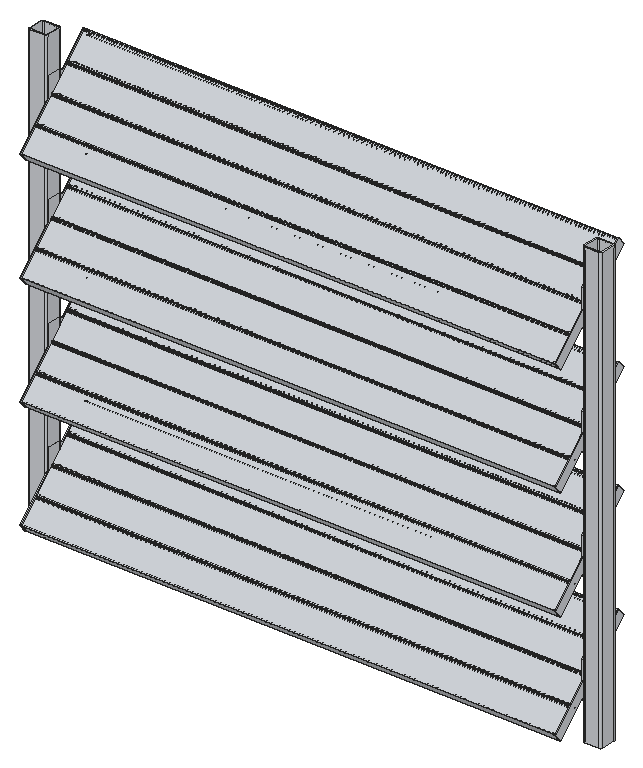
Revit family "RL 600 MITRE LOUVRE END FIXED-HORIZONTAL PANEL)PURGED", category Curtain Panels, Revit 2018
Family settings
  OmniClass Number = 23.25.20.14.11.11.17
  OmniClass Title = Infill Panels
  Always vertical = Yes
  Cut with Voids When Loaded = No
  Shared = No
Parameters
  SPACING [instance] = 600 mm  # constant formula
  RL600 MITRE BLADE [instance] = none
  END CAP [instance] = none
Reference planes
  plane 1 "Center (Front/Back)": y = 0
  plane 2: z = 0
  plane 3 "Center (Left/Right)": x = 0
  plane 4 "Left": x = -1500
  plane 5 "Right": x = 1500
  plane 6 "Top": z = 2400
Forms (mm)
  Extrusion 1, solid
    sketch origin (-50, -481.805, 0) x (1, 0, 0) y (0, 1, 0)
      loop
        arc (-1489, 531.805) -> (-1496.778, 528.584) -> (-1500, 520.805) r 11
        line (-1500, 520.805) -> (-1500, 442.805)
        arc (-1500, 442.805) -> (-1496.778, 435.027) -> (-1489, 431.805) r 11
        line (-1489, 431.805) -> (-1411, 431.805)
        arc (-1411, 431.805) -> (-1403.222, 435.027) -> (-1400, 442.805) r 11
        line (-1400, 442.805) -> (-1400, 520.805)
        arc (-1400, 520.805) -> (-1403.222, 528.584) -> (-1411, 531.805) r 11
        line (-1411, 531.805) -> (-1489, 531.805)
      loop
        arc (-1489, 525.805) -> (-1492.536, 524.341) -> (-1494, 520.805) r 5
        line (-1494, 520.805) -> (-1494, 442.805)
        arc (-1494, 442.805) -> (-1492.536, 439.27) -> (-1489, 437.805) r 5
        line (-1489, 437.805) -> (-1411, 437.805)
        arc (-1411, 437.805) -> (-1407.464, 439.27) -> (-1406, 442.805) r 5
        line (-1406, 442.805) -> (-1406, 520.805)
        arc (-1406, 520.805) -> (-1407.464, 524.341) -> (-1411, 525.805) r 5
        line (-1411, 525.805) -> (-1489, 525.805)
    from 0 to 2400
  Extrusion 2, solid
    sketch origin (50, -481.805, 0) x (-1, 0, 0) y (0, -1, 0)
      loop
        line (-1489, -531.805) -> (-1411, -531.805)
        arc (-1411, -531.805) -> (-1403.222, -528.584) -> (-1400, -520.805) r 11
        line (-1400, -520.805) -> (-1400, -442.805)
        arc (-1400, -442.805) -> (-1403.222, -435.027) -> (-1411, -431.805) r 11
        line (-1411, -431.805) -> (-1489, -431.805)
        arc (-1489, -431.805) -> (-1496.778, -435.027) -> (-1500, -442.805) r 11
        line (-1500, -442.805) -> (-1500, -520.805)
        arc (-1500, -520.805) -> (-1496.778, -528.584) -> (-1489, -531.805) r 11
      loop
        line (-1489, -525.805) -> (-1411, -525.805)
        arc (-1411, -525.805) -> (-1407.464, -524.341) -> (-1406, -520.805) r 5
        line (-1406, -520.805) -> (-1406, -442.805)
        arc (-1406, -442.805) -> (-1407.464, -439.27) -> (-1411, -437.805) r 5
        line (-1411, -437.805) -> (-1489, -437.805)
        arc (-1489, -437.805) -> (-1492.536, -439.27) -> (-1494, -442.805) r 5
        line (-1494, -442.805) -> (-1494, -520.805)
        arc (-1494, -520.805) -> (-1492.536, -524.341) -> (-1489, -525.805) r 5
    from 0 to 2400
Text (mm)
  text "Exterior" at (-2351.972, 1416.179, 0), in view "Ref. Level"
  text "Exterior" at (0, 2290.741, 4406.713), in view "Left"
  text "Exterior" at (0, 1328.187, 4120.349), in view "Right"
Dimensions and locks
  equal spacing: plane 4 "Left", plane 3 "Center (Left/Right)", plane 5 "Right"
  aligned and locked: level to plane 2
  aligned and locked: Extrusion 1 to plane 6 "Top"
  aligned and locked: Extrusion 2 to plane 6 "Top"
  aligned and locked: plane 6 "Top" to nested 1
  aligned and locked: plane 4 "Left" to nested 1
  aligned and locked: plane 5 "Right" to nested 1
Automatic sketch dimensions
  Extrusion 1 sketch curve to Extrusion 1 sketch curve = 0 mm  (x9)
  plane 4 "Left" to Extrusion 1 sketch curve = 50 mm
  Extrusion 1 sketch curve to Extrusion 1 sketch curve = 6 mm
  plane 4 "Left" to Extrusion 1 sketch curve = 39 mm
  Extrusion 1 sketch curve to Extrusion 1 sketch curve = 5 mm  (x3)
  plane 1 "Center (Front/Back)" to Extrusion 1 sketch curve = 50 mm
  Extrusion 1 sketch curve to plane 1 "Center (Front/Back)" = 39 mm
  Extrusion 2 sketch curve to Extrusion 2 sketch curve = 0 mm  (x9)
  plane 5 "Right" to Extrusion 2 sketch curve = 50 mm
  plane 5 "Right" to Extrusion 2 sketch curve = 44 mm
  plane 5 "Right" to Extrusion 2 sketch curve = 39 mm
  Extrusion 2 sketch curve to Extrusion 2 sketch curve = 5 mm  (x3)
  Extrusion 2 sketch curve to plane 1 "Center (Front/Back)" = 50 mm
  plane 1 "Center (Front/Back)" to Extrusion 2 sketch curve = 39 mm
  Extrusion 2 sketch curve to Extrusion 2 sketch curve = 78 mm
  Extrusion 1 sketch curve to Extrusion 1 sketch curve = 78 mm
Nested families
  nested 1: "RL600 ARRAY" at (0, 0, 0), type "RL600 ARRAY"
    with LENGTH 3000 mm, HEIGHT 2400 mm, ARRAY 4
Definition of nested family "RL600 ARRAY"
  Parameters (values of type "RL600 ARRAY")
    SPACING = 600 mm
    RL600 MITRE BLADE = none
    LENGTH [instance] = 1500 mm
    HEIGHT [instance] = 2400 mm
    END CAP = none
    ARRAY [instance] = if(rounddown((HEIGHT - 600 mm) / SPACING) < 2, 2, rounddown((HEIGHT - 600 mm) / SPACING)) + 1  # 4
  Reference planes
    plane 1 "Center (Front/Back)": y = 0
    plane 2: z = 0
    plane 3 "Center (Left/Right)": x = 0
    plane 4: x = -750
    plane 5: x = 750
    plane 6: z = 300
    plane 7: z = 900
    plane 8: z = 2400
    plane 9: z = 1500
    plane 10: z = 2100
  Dimensions and locks
    "LENGTH": plane 4 to plane 5
    equal spacing: plane 4, plane 3 "Center (Left/Right)", plane 5
    equal spacing: group 1, group 2, group 3, group 4  (x3)
    "SPACING": plane 7 to plane 6
    "HEIGHT": plane 8 to plane 2
    aligned and locked: level to plane 2
  Nested families
    nested 1: "BLADE 1" at (0, 0, 300), type "BLADE 1"
    nested 2: "BLADE 1" at (0, 0, 900), type "BLADE 1"
    nested 3: "BLADE 1" at (0, 0, 1500), type "BLADE 1"
    nested 4: "BLADE 1" at (0, 0, 2100), type "BLADE 1"
  Definition of nested family "BLADE 1"
    Parameters (values of type "BLADE 1")
      RL600 MITRE BLADE = none
      LENGTH = 1500 mm
      END CAP = none
    Reference planes
      plane 1 "Center (Front/Back)": y = 0
      plane 2: z = 0
      plane 3 "Center (Left/Right)": x = 0
      plane 4: x = 694
      plane 5: x = -694
      plane 6: x = -700
      plane 7: x = 700
      plane 8: x = -750
      plane 9: x = 750
    Forms (mm)
      Extrusion 1, solid, material <- "RL600 MITRE BLADE"
        sketch origin (0, 52.874, -41.891) x (0, 0.707107, 0.707107) y (0, -0.707107, 0.707107)
          loop
            line (295.285, 92.009) -> (136.574, 92.009) -> (136.574, 84.489) -> (133.054, 84.489) -> (133.054, 87.549)
            arc (133.054, 87.549) -> (131.954, 88.649) -> (130.854, 87.549) r 1.1
            line (130.854, 87.549) -> (130.854, 82.989)
            arc (130.854, 82.989) -> (131.147, 82.282) -> (131.854, 81.989) r 1
            line (131.854, 81.989) -> (140.205, 81.989)
            arc (140.205, 81.989) -> (141.119, 81.697) -> (142.074, 81.61) r 4.4
            line (142.074, 81.61) -> (142.074, 67.409) -> (142.874, 67.009) -> (142.074, 66.609) -> (142.074, 53.569)
            arc (142.074, 53.569) -> (143.061, 53.466) -> (144.014, 53.189) r 5.56
            line (144.014, 53.189) -> (154.305, 53.189)
            arc (154.305, 53.189) -> (155.294, 48.698) -> (154.292, 44.209) r 10.625
            line (154.292, 44.209) -> (149.774, 44.209) -> (149.774, 47.269)
            arc (149.774, 47.269) -> (148.674, 48.369) -> (147.574, 47.269) r 1.1
            line (147.574, 47.269) -> (147.574, 42.009) -> (288.703, 42.009) -> (295.285, 92.009)
          loop
            line (287.627, 50.693) -> (291.811, 82.477)
            arc (291.811, 82.477) -> (291.649, 82.817) -> (291.272, 82.806) r 0.346
            arc (291.272, 82.806) -> (290.024, 82.234) -> (288.656, 82.13) r 3.9
            arc (288.656, 82.13) -> (287.851, 83.116) -> (288.837, 83.921) r 0.9
            arc (288.837, 83.921) -> (290.77, 87.214) -> (287.014, 86.528) r 2.1
            arc (287.014, 86.528) -> (285.919, 85.877) -> (285.269, 86.971) r 0.9
            arc (285.269, 86.971) -> (285.859, 88.254) -> (286.867, 89.243) r 3.9
            arc (286.867, 89.243) -> (286.99, 89.59) -> (286.693, 89.809) r 0.31
            line (286.693, 89.809) -> (145.131, 89.809)
            spline (145.131, 89.809) -> (144.976, 89.729) -> (144.881, 89.646) -> (144.837, 89.56) -> (144.838, 89.473) -> (144.872, 89.384) -> (144.934, 89.296) -> (145.013, 89.208) -> (145.102, 89.122) -> (145.192, 89.039) -> (145.274, 88.959) -> (145.341, 88.884) -> (145.384, 88.814)
            arc (145.384, 88.814) -> (145.584, 87.936) -> (144.996, 87.253) r 1
            line (144.996, 87.253) -> (143.934, 86.813)
            arc (143.934, 86.813) -> (139.894, 86.009) -> (143.934, 85.206) r 2.1
            line (143.934, 85.206) -> (144.996, 84.766)
            arc (144.996, 84.766) -> (145.584, 84.083) -> (145.384, 83.204) r 1
            arc (145.384, 83.204) -> (144.869, 82.679) -> (144.274, 82.246) r 4.4
            line (144.274, 82.246) -> (144.274, 55.389) -> (155.619, 55.389)
            arc (155.619, 55.389) -> (157.437, 49.921) -> (156.677, 44.209) r 12.825
            line (156.677, 44.209) -> (281.671, 44.209)
            arc (281.671, 44.209) -> (281.973, 44.432) -> (281.849, 44.787) r 0.316
            arc (281.849, 44.787) -> (280.851, 45.773) -> (280.266, 47.048) r 3.9
            arc (280.266, 47.048) -> (280.917, 48.142) -> (282.011, 47.492) r 0.9
            arc (282.011, 47.492) -> (285.767, 46.806) -> (283.834, 50.099) r 2.1
            arc (283.834, 50.099) -> (282.848, 50.903) -> (283.653, 51.889) r 0.9
            arc (283.653, 51.889) -> (285.512, 51.623) -> (287.031, 50.519) r 3.9
            arc (287.031, 50.519) -> (287.386, 50.412) -> (287.627, 50.693) r 0.339
        from -694 to 694
      Extrusion 2, solid, material <- "RL600 MITRE BLADE"
        sketch origin (0, 52.874, -41.891) x (0, 0.707107, 0.707107) y (0, -0.707107, 0.707107)
          loop
            line (139.874, 78.629) -> (128.529, 78.629)
            arc (128.529, 78.629) -> (126.711, 84.097) -> (127.47, 89.809) r 12.825
            line (127.47, 89.809) -> (111.483, 89.809) -> (28.207, 89.809) -> (-4.709, 89.809)
            spline (-4.709, 89.809) -> (-4.871, 89.727) -> (-4.972, 89.644) -> (-5.018, 89.56) -> (-5.021, 89.476) -> (-4.986, 89.391) -> (-4.925, 89.306) -> (-4.844, 89.222) -> (-4.753, 89.138) -> (-4.66, 89.055) -> (-4.574, 88.973) -> (-4.503, 88.893) -> (-4.456, 88.814)
            arc (-4.456, 88.814) -> (-4.256, 87.936) -> (-4.844, 87.253) r 1
            line (-4.844, 87.253) -> (-5.906, 86.813)
            arc (-5.906, 86.813) -> (-9.946, 86.009) -> (-5.906, 85.206) r 2.1
            line (-5.906, 85.206) -> (-4.844, 84.766)
            arc (-4.844, 84.766) -> (-4.256, 84.083) -> (-4.456, 83.204) r 1
            arc (-4.456, 83.204) -> (-4.971, 82.679) -> (-5.566, 82.246) r 4.4
            line (-5.566, 82.246) -> (-5.566, 55.389) -> (5.779, 55.389)
            arc (5.779, 55.389) -> (7.597, 49.921) -> (6.837, 44.209) r 12.825
            line (6.837, 44.209) -> (139.017, 44.209)
            spline (139.017, 44.209) -> (139.159, 44.287) -> (139.253, 44.362) -> (139.305, 44.436) -> (139.319, 44.511) -> (139.301, 44.585) -> (139.257, 44.662) -> (139.193, 44.741) -> (139.114, 44.823) -> (139.026, 44.91) -> (138.935, 45.002) -> (138.846, 45.1) -> (138.764, 45.204)
            arc (138.764, 45.204) -> (138.564, 46.083) -> (139.152, 46.766) r 1
            line (139.152, 46.766) -> (140.214, 47.206)
            arc (140.214, 47.206) -> (144.254, 48.009) -> (140.214, 48.813) r 2.1
            line (140.214, 48.813) -> (139.152, 49.253)
            arc (139.152, 49.253) -> (138.564, 49.936) -> (138.764, 50.814) r 1
            arc (138.764, 50.814) -> (139.279, 51.34) -> (139.874, 51.772) r 4.4
            line (139.874, 51.772) -> (139.874, 78.629)
          loop
            line (-13.266, 92.009) -> (-13.266, 84.489) -> (-16.786, 84.489) -> (-16.786, 87.549)
            arc (-16.786, 87.549) -> (-17.886, 88.649) -> (-18.986, 87.549) r 1.1
            line (-18.986, 87.549) -> (-18.986, 82.989)
            arc (-18.986, 82.989) -> (-18.693, 82.282) -> (-17.986, 81.989) r 1
            line (-17.986, 81.989) -> (-9.635, 81.989)
            arc (-9.635, 81.989) -> (-8.721, 81.697) -> (-7.766, 81.61) r 4.4
            line (-7.766, 81.61) -> (-7.766, 67.409) -> (-8.566, 67.009) -> (-7.766, 66.609) -> (-7.766, 53.569)
            arc (-7.766, 53.569) -> (-6.779, 53.466) -> (-5.826, 53.189) r 5.56
            line (-5.826, 53.189) -> (4.465, 53.189)
            arc (4.465, 53.189) -> (5.454, 48.698) -> (4.452, 44.209) r 10.625
            line (4.452, 44.209) -> (-0.066, 44.209) -> (-0.066, 47.269)
            arc (-0.066, 47.269) -> (-1.166, 48.369) -> (-2.266, 47.269) r 1.1
            line (-2.266, 47.269) -> (-2.266, 42.009) -> (147.574, 42.009) -> (147.574, 49.529) -> (151.094, 49.529) -> (151.094, 46.469)
            arc (151.094, 46.469) -> (152.194, 45.369) -> (153.294, 46.469) r 1.1
            line (153.294, 46.469) -> (153.294, 51.029)
            arc (153.294, 51.029) -> (153.001, 51.736) -> (152.294, 52.029) r 1
            line (152.294, 52.029) -> (143.943, 52.029)
            arc (143.943, 52.029) -> (143.029, 52.321) -> (142.074, 52.409) r 4.4
            line (142.074, 52.409) -> (142.074, 66.609) -> (141.274, 67.009) -> (142.074, 67.409) -> (142.074, 80.45)
            arc (142.074, 80.45) -> (141.087, 80.553) -> (140.133, 80.829) r 5.56
            line (140.133, 80.829) -> (129.843, 80.829)
            arc (129.843, 80.829) -> (128.854, 85.321) -> (129.855, 89.809) r 10.625
            line (129.855, 89.809) -> (134.374, 89.809) -> (134.374, 86.749)
            arc (134.374, 86.749) -> (135.474, 85.649) -> (136.574, 86.749) r 1.1
            line (136.574, 86.749) -> (136.574, 92.009) -> (-13.266, 92.009)
        from -694 to 694
      Extrusion 3, solid, material <- "RL600 MITRE BLADE"
        sketch origin (0, -52.874, 41.891) x (0, -0.707107, -0.707107) y (0, 0.707107, -0.707107)
          loop
            line (295.285, 92.009) -> (136.574, 92.009) -> (136.574, 84.489) -> (133.054, 84.489) -> (133.054, 87.549)
            arc (133.054, 87.549) -> (131.954, 88.649) -> (130.854, 87.549) r 1.1
            line (130.854, 87.549) -> (130.854, 82.989)
            arc (130.854, 82.989) -> (131.147, 82.282) -> (131.854, 81.989) r 1
            line (131.854, 81.989) -> (140.205, 81.989)
            arc (140.205, 81.989) -> (141.119, 81.697) -> (142.074, 81.61) r 4.4
            line (142.074, 81.61) -> (142.074, 67.409) -> (142.874, 67.009) -> (142.074, 66.609) -> (142.074, 53.569)
            arc (142.074, 53.569) -> (143.061, 53.466) -> (144.014, 53.189) r 5.56
            line (144.014, 53.189) -> (154.305, 53.189)
            arc (154.305, 53.189) -> (155.294, 48.698) -> (154.292, 44.209) r 10.625
            line (154.292, 44.209) -> (149.774, 44.209) -> (149.774, 47.269)
            arc (149.774, 47.269) -> (148.674, 48.369) -> (147.574, 47.269) r 1.1
            line (147.574, 47.269) -> (147.574, 42.009) -> (288.703, 42.009) -> (295.285, 92.009)
          loop
            line (287.627, 50.693) -> (291.811, 82.477)
            arc (291.811, 82.477) -> (291.649, 82.817) -> (291.272, 82.806) r 0.346
            arc (291.272, 82.806) -> (290.024, 82.234) -> (288.656, 82.13) r 3.9
            arc (288.656, 82.13) -> (287.851, 83.116) -> (288.837, 83.921) r 0.9
            arc (288.837, 83.921) -> (290.77, 87.214) -> (287.014, 86.528) r 2.1
            arc (287.014, 86.528) -> (285.919, 85.877) -> (285.269, 86.971) r 0.9
            arc (285.269, 86.971) -> (285.859, 88.254) -> (286.867, 89.243) r 3.9
            arc (286.867, 89.243) -> (286.99, 89.59) -> (286.693, 89.809) r 0.31
            line (286.693, 89.809) -> (145.131, 89.809)
            spline (145.131, 89.809) -> (144.976, 89.729) -> (144.881, 89.646) -> (144.837, 89.56) -> (144.838, 89.473) -> (144.872, 89.384) -> (144.934, 89.296) -> (145.013, 89.208) -> (145.102, 89.122) -> (145.192, 89.039) -> (145.274, 88.959) -> (145.341, 88.884) -> (145.384, 88.814)
            arc (145.384, 88.814) -> (145.584, 87.936) -> (144.996, 87.253) r 1
            line (144.996, 87.253) -> (143.934, 86.813)
            arc (143.934, 86.813) -> (139.894, 86.009) -> (143.934, 85.206) r 2.1
            line (143.934, 85.206) -> (144.996, 84.766)
            arc (144.996, 84.766) -> (145.584, 84.083) -> (145.384, 83.204) r 1
            arc (145.384, 83.204) -> (144.869, 82.679) -> (144.274, 82.246) r 4.4
            line (144.274, 82.246) -> (144.274, 55.389) -> (155.619, 55.389)
            arc (155.619, 55.389) -> (157.437, 49.921) -> (156.677, 44.209) r 12.825
            line (156.677, 44.209) -> (281.671, 44.209)
            arc (281.671, 44.209) -> (281.973, 44.432) -> (281.849, 44.787) r 0.316
            arc (281.849, 44.787) -> (280.851, 45.773) -> (280.266, 47.048) r 3.9
            arc (280.266, 47.048) -> (280.917, 48.142) -> (282.011, 47.492) r 0.9
            arc (282.011, 47.492) -> (285.767, 46.806) -> (283.834, 50.099) r 2.1
            arc (283.834, 50.099) -> (282.848, 50.903) -> (283.653, 51.889) r 0.9
            arc (283.653, 51.889) -> (285.512, 51.623) -> (287.031, 50.519) r 3.9
            arc (287.031, 50.519) -> (287.386, 50.412) -> (287.627, 50.693) r 0.339
        from -694 to 694
      Extrusion 4, solid, material <- "RL600 MITRE BLADE"
        sketch origin (0, -52.874, 41.891) x (0, -0.707107, -0.707107) y (0, 0.707107, -0.707107)
          loop
            line (139.874, 78.629) -> (128.529, 78.629)
            arc (128.529, 78.629) -> (126.711, 84.097) -> (127.47, 89.809) r 12.825
            line (127.47, 89.809) -> (111.483, 89.809) -> (28.207, 89.809) -> (-4.709, 89.809)
            spline (-4.709, 89.809) -> (-4.871, 89.727) -> (-4.972, 89.644) -> (-5.018, 89.56) -> (-5.021, 89.476) -> (-4.986, 89.391) -> (-4.925, 89.306) -> (-4.844, 89.222) -> (-4.753, 89.138) -> (-4.66, 89.055) -> (-4.574, 88.973) -> (-4.503, 88.893) -> (-4.456, 88.814)
            arc (-4.456, 88.814) -> (-4.256, 87.936) -> (-4.844, 87.253) r 1
            line (-4.844, 87.253) -> (-5.906, 86.813)
            arc (-5.906, 86.813) -> (-9.946, 86.009) -> (-5.906, 85.206) r 2.1
            line (-5.906, 85.206) -> (-4.844, 84.766)
            arc (-4.844, 84.766) -> (-4.256, 84.083) -> (-4.456, 83.204) r 1
            arc (-4.456, 83.204) -> (-4.971, 82.679) -> (-5.566, 82.246) r 4.4
            line (-5.566, 82.246) -> (-5.566, 55.389) -> (5.779, 55.389)
            arc (5.779, 55.389) -> (7.597, 49.921) -> (6.837, 44.209) r 12.825
            line (6.837, 44.209) -> (139.017, 44.209)
            spline (139.017, 44.209) -> (139.159, 44.287) -> (139.253, 44.362) -> (139.305, 44.436) -> (139.319, 44.511) -> (139.301, 44.585) -> (139.257, 44.662) -> (139.193, 44.741) -> (139.114, 44.823) -> (139.026, 44.91) -> (138.935, 45.002) -> (138.846, 45.1) -> (138.764, 45.204)
            arc (138.764, 45.204) -> (138.564, 46.083) -> (139.152, 46.766) r 1
            line (139.152, 46.766) -> (140.214, 47.206)
            arc (140.214, 47.206) -> (144.254, 48.009) -> (140.214, 48.813) r 2.1
            line (140.214, 48.813) -> (139.152, 49.253)
            arc (139.152, 49.253) -> (138.564, 49.936) -> (138.764, 50.814) r 1
            arc (138.764, 50.814) -> (139.279, 51.34) -> (139.874, 51.772) r 4.4
            line (139.874, 51.772) -> (139.874, 78.629)
          loop
            line (-13.266, 92.009) -> (-13.266, 84.489) -> (-16.786, 84.489) -> (-16.786, 87.549)
            arc (-16.786, 87.549) -> (-17.886, 88.649) -> (-18.986, 87.549) r 1.1
            line (-18.986, 87.549) -> (-18.986, 82.989)
            arc (-18.986, 82.989) -> (-18.693, 82.282) -> (-17.986, 81.989) r 1
            line (-17.986, 81.989) -> (-9.635, 81.989)
            arc (-9.635, 81.989) -> (-8.721, 81.697) -> (-7.766, 81.61) r 4.4
            line (-7.766, 81.61) -> (-7.766, 67.409) -> (-8.566, 67.009) -> (-7.766, 66.609) -> (-7.766, 53.569)
            arc (-7.766, 53.569) -> (-6.779, 53.466) -> (-5.826, 53.189) r 5.56
            line (-5.826, 53.189) -> (4.465, 53.189)
            arc (4.465, 53.189) -> (5.454, 48.698) -> (4.452, 44.209) r 10.625
            line (4.452, 44.209) -> (-0.066, 44.209) -> (-0.066, 47.269)
            arc (-0.066, 47.269) -> (-1.166, 48.369) -> (-2.266, 47.269) r 1.1
            line (-2.266, 47.269) -> (-2.266, 42.009) -> (147.574, 42.009) -> (147.574, 49.529) -> (151.094, 49.529) -> (151.094, 46.469)
            arc (151.094, 46.469) -> (152.194, 45.369) -> (153.294, 46.469) r 1.1
            line (153.294, 46.469) -> (153.294, 51.029)
            arc (153.294, 51.029) -> (153.001, 51.736) -> (152.294, 52.029) r 1
            line (152.294, 52.029) -> (143.943, 52.029)
            arc (143.943, 52.029) -> (143.029, 52.321) -> (142.074, 52.409) r 4.4
            line (142.074, 52.409) -> (142.074, 66.609) -> (141.274, 67.009) -> (142.074, 67.409) -> (142.074, 80.45)
            arc (142.074, 80.45) -> (141.087, 80.553) -> (140.133, 80.829) r 5.56
            line (140.133, 80.829) -> (129.843, 80.829)
            arc (129.843, 80.829) -> (128.854, 85.321) -> (129.855, 89.809) r 10.625
            line (129.855, 89.809) -> (134.374, 89.809) -> (134.374, 86.749)
            arc (134.374, 86.749) -> (135.474, 85.649) -> (136.574, 86.749) r 1.1
            line (136.574, 86.749) -> (136.574, 92.009) -> (-13.266, 92.009)
        from -694 to 694
      Extrusion 5, solid, material <- "END CAP"
        sketch origin (0, 0, 0) x (0, 0.707107, 0.707107) y (0, -0.707107, 0.707107)
          loop
            line (36.193, 98.539) -> (-35.124, 27.222)
            arc (-35.124, 27.222) -> (-38.925, 25.803) -> (-42.902, 25) r 25.75
            line (-42.902, 25) -> (-296.469, 25) -> (-303.051, -25) -> (-100.831, -25)
            arc (-100.831, -25) -> (-96.055, -28.403) -> (-96.589, -34.243) r 5.886
            line (-96.589, -34.243) -> (-98.66, -36.314)
            arc (-98.66, -36.314) -> (-101.589, -43.385) -> (-98.66, -50.456) r 10
            line (-98.66, -50.456) -> (-50.576, -98.539)
            arc (-50.576, -98.539) -> (-43.505, -101.468) -> (-36.434, -98.539) r 10
            line (-36.434, -98.539) -> (34.883, -27.222)
            arc (34.883, -27.222) -> (38.684, -25.804) -> (42.661, -25) r 25.75
            line (42.661, -25) -> (296.469, -25) -> (303.051, 25) -> (100.59, 25)
            arc (100.59, 25) -> (95.814, 28.403) -> (96.348, 34.243) r 5.886
            line (96.348, 34.243) -> (98.419, 36.314)
            arc (98.419, 36.314) -> (101.348, 43.385) -> (98.419, 50.456) r 10
            line (98.419, 50.456) -> (50.335, 98.539)
            arc (50.335, 98.539) -> (43.264, 101.468) -> (36.193, 98.539) r 10
        from -700 to -694
      Extrusion 6, solid, material <- "END CAP"
        sketch origin (0, 0, 0) x (0, 0.707107, 0.707107) y (0, 0.707107, -0.707107)
          loop
            arc (36.193, -98.539) -> (43.264, -101.468) -> (50.335, -98.539) r 10
            line (50.335, -98.539) -> (98.419, -50.456)
            arc (98.419, -50.456) -> (101.348, -43.385) -> (98.419, -36.314) r 10
            line (98.419, -36.314) -> (96.348, -34.243)
            arc (96.348, -34.243) -> (95.814, -28.403) -> (100.59, -25) r 5.886
            line (100.59, -25) -> (303.051, -25) -> (296.469, 25) -> (42.661, 25)
            arc (42.661, 25) -> (38.684, 25.804) -> (34.883, 27.222) r 25.75
            line (34.883, 27.222) -> (-36.434, 98.539)
            arc (-36.434, 98.539) -> (-43.505, 101.468) -> (-50.576, 98.539) r 10
            line (-50.576, 98.539) -> (-98.66, 50.456)
            arc (-98.66, 50.456) -> (-101.589, 43.385) -> (-98.66, 36.314) r 10
            line (-98.66, 36.314) -> (-96.589, 34.243)
            arc (-96.589, 34.243) -> (-96.055, 28.403) -> (-100.831, 25) r 5.886
            line (-100.831, 25) -> (-303.051, 25) -> (-296.469, -25) -> (-42.902, -25)
            arc (-42.902, -25) -> (-38.925, -25.803) -> (-35.124, -27.222) r 25.75
            line (-35.124, -27.222) -> (36.193, -98.539)
        from -700 to -694
    Dimensions and locks
      locked: plane 6 to plane 5 at 6
      locked: plane 4 to plane 7 at 6
      equal spacing: plane 5, plane 3 "Center (Left/Right)", plane 4
      locked: plane 8 to plane 6 at 50
      locked: plane 7 to plane 9 at 50
      "LENGTH": plane 8 to plane 9
      aligned and locked: level to plane 2
      aligned and locked: plane 4 to Extrusion 1
      aligned and locked: plane 4 to Extrusion 2
      aligned and locked: plane 4 to Extrusion 4
      aligned and locked: plane 4 to Extrusion 3
      aligned and locked: plane 5 to Extrusion 1
      aligned and locked: Extrusion 1 to Extrusion 4
      aligned and locked: Extrusion 1 to Extrusion 2
      aligned and locked: Extrusion 1 to Extrusion 3
      aligned and locked: Extrusion 5 to plane 6
      aligned and locked: Extrusion 5 to Extrusion 1
      aligned and locked: Extrusion 6 to plane 4
      aligned and locked: plane 7 to Extrusion 6
    Automatic sketch dimensions
      Extrusion 1 sketch curve to Extrusion 1 sketch curve = 0 mm  (x38)
      Extrusion 1 sketch curve to Extrusion 1 sketch curve = 1 mm
      Extrusion 1 sketch curve to Extrusion 1 sketch curve = 1.1 mm  (x2)
      Extrusion 1 sketch curve to Extrusion 1 sketch curve = 3.52 mm
      Extrusion 1 sketch curve to Extrusion 1 sketch curve = 3.631 mm
      Extrusion 1 sketch curve to Extrusion 1 sketch curve = 1.789 mm  (x2)
      Extrusion 1 sketch curve to Extrusion 1 sketch curve = 1.869 mm  (x2)
      Extrusion 1 sketch curve to Extrusion 1 sketch curve = 0.8 mm  (x2)
      Extrusion 1 sketch curve to Extrusion 1 sketch curve = 1.94 mm  (x2)
      Extrusion 1 sketch curve to Extrusion 1 sketch curve = 0.26 mm
      Extrusion 1 sketch curve to Extrusion 1 sketch curve = 0.679 mm  (x2)
      Extrusion 1 sketch curve to Extrusion 1 sketch curve = 2.675 mm
      Extrusion 1 sketch curve to Extrusion 1 sketch curve = 0.383 mm  (x2)
      Extrusion 1 sketch curve to Extrusion 1 sketch curve = 0.517 mm
      Extrusion 1 sketch curve to Extrusion 1 sketch curve = 0.77 mm
      Extrusion 1 sketch curve to Extrusion 1 sketch curve = 2.905 mm  (x2)
      Extrusion 1 sketch curve to Extrusion 1 sketch curve = 4.519 mm
      Extrusion 1 sketch curve to Extrusion 1 sketch curve = 4.531 mm
      Extrusion 1 sketch curve to Extrusion 1 sketch curve = 1.314 mm
      Extrusion 1 sketch curve to Extrusion 1 sketch curve = 2.385 mm
      Extrusion 1 sketch curve to Extrusion 1 sketch curve = 124.461 mm
      Extrusion 1 sketch curve to Extrusion 1 sketch curve = 0.533 mm
      Extrusion 1 sketch curve to Extrusion 1 sketch curve = 2.605 mm  (x2)
      Extrusion 1 sketch curve to Extrusion 1 sketch curve = 0.302 mm
      Extrusion 1 sketch curve to Extrusion 1 sketch curve = 2.398 mm
      Extrusion 1 sketch curve to Extrusion 1 sketch curve = 0.552 mm
      Extrusion 1 sketch curve to Extrusion 1 sketch curve = 3.547 mm
      Extrusion 1 sketch curve to Extrusion 1 sketch curve = 0.336 mm
      Extrusion 1 sketch curve to Extrusion 1 sketch curve = 7.031 mm
      Extrusion 1 sketch curve to Extrusion 1 sketch curve = 2.907 mm
      Extrusion 1 sketch curve to Extrusion 1 sketch curve = 2.722 mm
      Extrusion 1 sketch curve to Extrusion 1 sketch curve = 0.343 mm
      Extrusion 1 sketch curve to Extrusion 1 sketch curve = 6.236 mm
      Extrusion 1 sketch curve to Extrusion 1 sketch curve = 0.296 mm
      Extrusion 1 sketch curve to Extrusion 1 sketch curve = 0.44 mm  (x2)
      Extrusion 1 sketch curve to Extrusion 1 sketch curve = 0.503 mm
      Extrusion 1 sketch curve to Extrusion 1 sketch curve = 0.739 mm  (x2)
      Extrusion 1 sketch curve to Extrusion 1 sketch curve = 0.804 mm
      Extrusion 1 sketch curve to Extrusion 1 sketch curve = 3.06 mm
      Extrusion 1 sketch curve to Extrusion 1 sketch curve = 0.924 mm  (x2)
      Extrusion 1 sketch curve to Extrusion 1 sketch curve = 2.985 mm  (x2)
      Extrusion 1 sketch curve to Extrusion 1 sketch curve = 1.5 mm
      Extrusion 1 sketch curve to Extrusion 1 sketch curve = 0.504 mm
      Extrusion 1 sketch curve to Extrusion 1 sketch curve = 0.045 mm
      Extrusion 1 sketch curve to Extrusion 1 sketch curve = 0.958 mm
      Extrusion 1 sketch curve to Extrusion 1 sketch curve = 14.201 mm
      Extrusion 1 sketch curve to Extrusion 1 sketch curve = 0.4 mm
      Extrusion 1 sketch curve to Extrusion 1 sketch curve = 11.22 mm
      Extrusion 1 sketch curve to Extrusion 1 sketch curve = 1.821 mm
      Extrusion 1 sketch curve to Extrusion 1 sketch curve = 0.379 mm
      Extrusion 1 sketch curve to Extrusion 1 sketch curve = 32.032 mm
      Extrusion 1 sketch curve to Extrusion 1 sketch curve = 0.257 mm
      Extrusion 1 sketch curve to Extrusion 1 sketch curve = 0.044 mm
      Extrusion 1 sketch curve to Extrusion 1 sketch curve = 0.703 mm
      Extrusion 1 sketch curve to Extrusion 1 sketch curve = 1.443 mm
      Extrusion 1 sketch curve to Extrusion 1 sketch curve = 0.316 mm
      Extrusion 1 sketch curve to Extrusion 1 sketch curve = 2.2 mm  (x2)
      Extrusion 1 sketch curve to Extrusion 1 sketch curve = 2.75 mm
      Extrusion 1 sketch curve to Extrusion 1 sketch curve = 0.995 mm
      Extrusion 1 sketch curve to Extrusion 1 sketch curve = 5.999 mm
      Extrusion 1 sketch curve to Extrusion 1 sketch curve = 0.872 mm  (x2)
      Extrusion 1 sketch curve to Extrusion 1 sketch curve = 0.091 mm  (x2)
      Extrusion 2 sketch curve to Extrusion 2 sketch curve = 0 mm  (x27)
      Extrusion 2 sketch curve to Extrusion 2 sketch curve = 1 mm  (x2)
      Extrusion 2 sketch curve to Extrusion 2 sketch curve = 1.1 mm  (x4)
      Extrusion 2 sketch curve to Extrusion 2 sketch curve = 3.52 mm  (x2)
      Extrusion 2 sketch curve to Extrusion 2 sketch curve = 3.631 mm
      Extrusion 2 sketch curve to Extrusion 2 sketch curve = 1.069 mm
      Extrusion 2 sketch curve to Extrusion 2 sketch curve = 1.789 mm
      Extrusion 2 sketch curve to Extrusion 2 sketch curve = 0.72 mm
      Extrusion 2 sketch curve to Extrusion 2 sketch curve = 0.8 mm  (x4)
      Extrusion 2 sketch curve to Extrusion 2 sketch curve = 1.94 mm  (x3)
      Extrusion 2 sketch curve to Extrusion 2 sketch curve = 0.26 mm  (x2)
      Extrusion 2 sketch curve to Extrusion 2 sketch curve = 0.679 mm  (x2)
      Extrusion 2 sketch curve to Extrusion 2 sketch curve = 2.675 mm  (x2)
      Extrusion 2 sketch curve to Extrusion 2 sketch curve = 0.383 mm  (x3)
      Extrusion 2 sketch curve to Extrusion 2 sketch curve = 0.517 mm
      Extrusion 2 sketch curve to Extrusion 2 sketch curve = 0.77 mm  (x2)
      Extrusion 2 sketch curve to Extrusion 2 sketch curve = 2.905 mm  (x2)
      Extrusion 2 sketch curve to Extrusion 2 sketch curve = 4.519 mm  (x2)
      Extrusion 2 sketch curve to Extrusion 2 sketch curve = 4.531 mm
      Extrusion 2 sketch curve to Extrusion 2 sketch curve = 1.314 mm  (x2)
      Extrusion 2 sketch curve to Extrusion 2 sketch curve = 2.385 mm  (x2)
      Extrusion 2 sketch curve to Extrusion 2 sketch curve = 32.663 mm
      Extrusion 2 sketch curve to Extrusion 2 sketch curve = 83.276 mm
      Extrusion 2 sketch curve to Extrusion 2 sketch curve = 15.987 mm
      Extrusion 2 sketch curve to Extrusion 2 sketch curve = 1.059 mm
      Extrusion 2 sketch curve to Extrusion 2 sketch curve = 2.2 mm  (x3)
      Extrusion 2 sketch curve to Extrusion 2 sketch curve = 10.235 mm
      Extrusion 2 sketch curve to Extrusion 2 sketch curve = 0.253 mm
      Extrusion 2 sketch curve to Extrusion 2 sketch curve = 0.388 mm  (x2)
      Extrusion 2 sketch curve to Extrusion 2 sketch curve = 0.34 mm
      Extrusion 2 sketch curve to Extrusion 2 sketch curve = 1.062 mm  (x2)
      Extrusion 2 sketch curve to Extrusion 2 sketch curve = 1.4 mm
      Extrusion 2 sketch curve to Extrusion 2 sketch curve = 1.869 mm
      Extrusion 2 sketch curve to Extrusion 2 sketch curve = 5.42 mm
      Extrusion 2 sketch curve to Extrusion 2 sketch curve = 0.379 mm  (x4)
      Extrusion 2 sketch curve to Extrusion 2 sketch curve = 0.781 mm
      Extrusion 2 sketch curve to Extrusion 2 sketch curve = 14.201 mm  (x2)
      Extrusion 2 sketch curve to Extrusion 2 sketch curve = 11.22 mm  (x2)
      Extrusion 2 sketch curve to Extrusion 2 sketch curve = 0.4 mm  (x2)
      Extrusion 2 sketch curve to Extrusion 2 sketch curve = 1.821 mm
      Extrusion 2 sketch curve to Extrusion 2 sketch curve = 0.636 mm  (x2)
      Extrusion 2 sketch curve to Extrusion 2 sketch curve = 1.596 mm  (x2)
      Extrusion 2 sketch curve to Extrusion 2 sketch curve = 2.5 mm  (x2)
      Extrusion 2 sketch curve to Extrusion 2 sketch curve = 0.924 mm  (x4)
      Extrusion 2 sketch curve to Extrusion 2 sketch curve = 0.44 mm  (x4)
      Extrusion 2 sketch curve to Extrusion 2 sketch curve = 0.703 mm  (x2)
      Extrusion 2 sketch curve to Extrusion 2 sketch curve = 1.443 mm
      Extrusion 2 sketch curve to Extrusion 2 sketch curve = 3.06 mm  (x3)
      Extrusion 2 sketch curve to Extrusion 2 sketch curve = 4.46 mm  (x2)
      Extrusion 3 sketch curve to Extrusion 3 sketch curve = 0 mm  (x38)
      Extrusion 3 sketch curve to Extrusion 3 sketch curve = 1 mm
      Extrusion 3 sketch curve to Extrusion 3 sketch curve = 1.1 mm  (x2)
      Extrusion 3 sketch curve to Extrusion 3 sketch curve = 3.52 mm
      Extrusion 3 sketch curve to Extrusion 3 sketch curve = 3.631 mm
      Extrusion 3 sketch curve to Extrusion 3 sketch curve = 1.789 mm  (x2)
      Extrusion 3 sketch curve to Extrusion 3 sketch curve = 1.869 mm  (x2)
      Extrusion 3 sketch curve to Extrusion 3 sketch curve = 0.8 mm  (x2)
      Extrusion 3 sketch curve to Extrusion 3 sketch curve = 1.94 mm  (x2)
      Extrusion 3 sketch curve to Extrusion 3 sketch curve = 0.26 mm
      Extrusion 3 sketch curve to Extrusion 3 sketch curve = 0.679 mm  (x2)
      Extrusion 3 sketch curve to Extrusion 3 sketch curve = 2.675 mm
      Extrusion 3 sketch curve to Extrusion 3 sketch curve = 0.383 mm  (x2)
      Extrusion 3 sketch curve to Extrusion 3 sketch curve = 0.517 mm
      Extrusion 3 sketch curve to Extrusion 3 sketch curve = 0.77 mm
      Extrusion 3 sketch curve to Extrusion 3 sketch curve = 2.905 mm  (x2)
      Extrusion 3 sketch curve to Extrusion 3 sketch curve = 4.519 mm
      Extrusion 3 sketch curve to Extrusion 3 sketch curve = 4.531 mm
      Extrusion 3 sketch curve to Extrusion 3 sketch curve = 1.314 mm
      Extrusion 3 sketch curve to Extrusion 3 sketch curve = 2.385 mm
      Extrusion 3 sketch curve to Extrusion 3 sketch curve = 124.461 mm
      Extrusion 3 sketch curve to Extrusion 3 sketch curve = 0.533 mm
      Extrusion 3 sketch curve to Extrusion 3 sketch curve = 2.605 mm  (x2)
      Extrusion 3 sketch curve to Extrusion 3 sketch curve = 0.302 mm
      Extrusion 3 sketch curve to Extrusion 3 sketch curve = 2.398 mm
      Extrusion 3 sketch curve to Extrusion 3 sketch curve = 0.552 mm
      Extrusion 3 sketch curve to Extrusion 3 sketch curve = 3.547 mm
      Extrusion 3 sketch curve to Extrusion 3 sketch curve = 0.336 mm
      Extrusion 3 sketch curve to Extrusion 3 sketch curve = 7.031 mm
      Extrusion 3 sketch curve to Extrusion 3 sketch curve = 2.907 mm
      Extrusion 3 sketch curve to Extrusion 3 sketch curve = 2.722 mm
      Extrusion 3 sketch curve to Extrusion 3 sketch curve = 0.343 mm
      Extrusion 3 sketch curve to Extrusion 3 sketch curve = 6.236 mm
      Extrusion 3 sketch curve to Extrusion 3 sketch curve = 0.296 mm
      Extrusion 3 sketch curve to Extrusion 3 sketch curve = 0.44 mm  (x2)
      Extrusion 3 sketch curve to Extrusion 3 sketch curve = 0.503 mm
      Extrusion 3 sketch curve to Extrusion 3 sketch curve = 0.739 mm  (x2)
      Extrusion 3 sketch curve to Extrusion 3 sketch curve = 0.804 mm
      Extrusion 3 sketch curve to Extrusion 3 sketch curve = 3.06 mm
      Extrusion 3 sketch curve to Extrusion 3 sketch curve = 0.924 mm  (x2)
      Extrusion 3 sketch curve to Extrusion 3 sketch curve = 2.985 mm  (x2)
      Extrusion 3 sketch curve to Extrusion 3 sketch curve = 1.5 mm
      Extrusion 3 sketch curve to Extrusion 3 sketch curve = 0.504 mm
      Extrusion 3 sketch curve to Extrusion 3 sketch curve = 0.045 mm
      Extrusion 3 sketch curve to Extrusion 3 sketch curve = 0.958 mm
      Extrusion 3 sketch curve to Extrusion 3 sketch curve = 14.201 mm
      Extrusion 3 sketch curve to Extrusion 3 sketch curve = 0.4 mm
      Extrusion 3 sketch curve to Extrusion 3 sketch curve = 11.22 mm
      Extrusion 3 sketch curve to Extrusion 3 sketch curve = 1.821 mm
      Extrusion 3 sketch curve to Extrusion 3 sketch curve = 0.379 mm
      Extrusion 3 sketch curve to Extrusion 3 sketch curve = 32.032 mm
      Extrusion 3 sketch curve to Extrusion 3 sketch curve = 0.257 mm
      Extrusion 3 sketch curve to Extrusion 3 sketch curve = 0.044 mm
      Extrusion 3 sketch curve to Extrusion 3 sketch curve = 0.703 mm
      Extrusion 3 sketch curve to Extrusion 3 sketch curve = 1.443 mm
      Extrusion 3 sketch curve to Extrusion 3 sketch curve = 0.316 mm
      Extrusion 3 sketch curve to Extrusion 3 sketch curve = 2.2 mm  (x2)
      Extrusion 3 sketch curve to Extrusion 3 sketch curve = 2.75 mm
      Extrusion 3 sketch curve to Extrusion 3 sketch curve = 0.995 mm
      Extrusion 3 sketch curve to Extrusion 3 sketch curve = 5.999 mm
      Extrusion 3 sketch curve to Extrusion 3 sketch curve = 0.872 mm  (x2)
      Extrusion 3 sketch curve to Extrusion 3 sketch curve = 0.091 mm  (x2)
      Extrusion 4 sketch curve to Extrusion 4 sketch curve = 0 mm  (x27)
      Extrusion 4 sketch curve to Extrusion 4 sketch curve = 1 mm  (x2)
      Extrusion 4 sketch curve to Extrusion 4 sketch curve = 1.1 mm  (x4)
      Extrusion 4 sketch curve to Extrusion 4 sketch curve = 3.52 mm  (x2)
      Extrusion 4 sketch curve to Extrusion 4 sketch curve = 3.631 mm
      Extrusion 4 sketch curve to Extrusion 4 sketch curve = 1.069 mm
      Extrusion 4 sketch curve to Extrusion 4 sketch curve = 1.789 mm
      Extrusion 4 sketch curve to Extrusion 4 sketch curve = 0.72 mm
      Extrusion 4 sketch curve to Extrusion 4 sketch curve = 0.8 mm  (x4)
      Extrusion 4 sketch curve to Extrusion 4 sketch curve = 1.94 mm  (x3)
      Extrusion 4 sketch curve to Extrusion 4 sketch curve = 0.26 mm  (x2)
      Extrusion 4 sketch curve to Extrusion 4 sketch curve = 0.679 mm  (x2)
      Extrusion 4 sketch curve to Extrusion 4 sketch curve = 2.675 mm  (x2)
      Extrusion 4 sketch curve to Extrusion 4 sketch curve = 0.383 mm  (x4)
      Extrusion 4 sketch curve to Extrusion 4 sketch curve = 0.517 mm
      Extrusion 4 sketch curve to Extrusion 4 sketch curve = 0.77 mm
      Extrusion 4 sketch curve to Extrusion 4 sketch curve = 2.905 mm  (x2)
      Extrusion 4 sketch curve to Extrusion 4 sketch curve = 4.519 mm  (x2)
      Extrusion 4 sketch curve to Extrusion 4 sketch curve = 4.531 mm
      Extrusion 4 sketch curve to Extrusion 4 sketch curve = 1.314 mm  (x2)
      Extrusion 4 sketch curve to Extrusion 4 sketch curve = 2.385 mm  (x2)
      Extrusion 4 sketch curve to Extrusion 4 sketch curve = 32.663 mm
      Extrusion 4 sketch curve to Extrusion 4 sketch curve = 83.276 mm
      Extrusion 4 sketch curve to Extrusion 4 sketch curve = 15.987 mm
      Extrusion 4 sketch curve to Extrusion 4 sketch curve = 1.059 mm
      Extrusion 4 sketch curve to Extrusion 4 sketch curve = 2.2 mm  (x3)
      Extrusion 4 sketch curve to Extrusion 4 sketch curve = 10.235 mm
      Extrusion 4 sketch curve to Extrusion 4 sketch curve = 0.253 mm
      Extrusion 4 sketch curve to Extrusion 4 sketch curve = 0.388 mm  (x2)
      Extrusion 4 sketch curve to Extrusion 4 sketch curve = 0.34 mm
      Extrusion 4 sketch curve to Extrusion 4 sketch curve = 1.062 mm  (x2)
      Extrusion 4 sketch curve to Extrusion 4 sketch curve = 1.4 mm
      Extrusion 4 sketch curve to Extrusion 4 sketch curve = 1.869 mm
      Extrusion 4 sketch curve to Extrusion 4 sketch curve = 5.42 mm
      Extrusion 4 sketch curve to Extrusion 4 sketch curve = 0.379 mm  (x4)
      Extrusion 4 sketch curve to Extrusion 4 sketch curve = 0.781 mm
      Extrusion 4 sketch curve to Extrusion 4 sketch curve = 14.201 mm  (x2)
      Extrusion 4 sketch curve to Extrusion 4 sketch curve = 11.22 mm  (x2)
      Extrusion 4 sketch curve to Extrusion 4 sketch curve = 0.4 mm  (x2)
      Extrusion 4 sketch curve to Extrusion 4 sketch curve = 1.821 mm
      Extrusion 4 sketch curve to Extrusion 4 sketch curve = 0.636 mm  (x2)
      Extrusion 4 sketch curve to Extrusion 4 sketch curve = 1.596 mm  (x2)
      Extrusion 4 sketch curve to Extrusion 4 sketch curve = 2.5 mm  (x2)
      Extrusion 4 sketch curve to Extrusion 4 sketch curve = 0.924 mm  (x4)
      Extrusion 4 sketch curve to Extrusion 4 sketch curve = 0.44 mm  (x4)
      Extrusion 4 sketch curve to Extrusion 4 sketch curve = 0.703 mm  (x2)
      Extrusion 4 sketch curve to Extrusion 4 sketch curve = 1.443 mm
      Extrusion 4 sketch curve to Extrusion 4 sketch curve = 3.06 mm  (x3)
      Extrusion 4 sketch curve to Extrusion 4 sketch curve = 4.46 mm  (x2)
      Extrusion 5 sketch curve to Extrusion 5 sketch curve = 6.583 mm  (x2)
      Extrusion 5 sketch curve to Extrusion 5 sketch curve = 201.647 mm
      Extrusion 5 sketch curve to Extrusion 5 sketch curve = 0.574 mm
      Extrusion 5 sketch curve to Extrusion 5 sketch curve = 2.745 mm
      Extrusion 5 sketch curve to Extrusion 5 sketch curve = 0 mm
      Extrusion 5 sketch curve to Extrusion 5 sketch curve = 2.071 mm  (x4)
      Extrusion 5 sketch curve to Extrusion 5 sketch curve = 7.071 mm  (x10)
      Extrusion 5 sketch curve to Extrusion 5 sketch curve = 48.083 mm  (x4)
      Extrusion 5 sketch curve to Extrusion 5 sketch curve = 54.833 mm
      Extrusion 5 sketch curve to Extrusion 5 sketch curve = 3.096 mm  (x2)
      Extrusion 5 sketch curve to Extrusion 5 sketch curve = 7.778 mm  (x2)
      Extrusion 5 sketch curve to Extrusion 5 sketch curve = 70.007 mm
      Extrusion 5 sketch curve to Extrusion 5 sketch curve = 82.191 mm
      Extrusion 5 sketch curve to Extrusion 5 sketch curve = 5 mm
      Extrusion 5 sketch curve to Extrusion 5 sketch curve = 4.243 mm
      Extrusion 5 sketch curve to Extrusion 5 sketch curve = 4.816 mm
      Extrusion 5 sketch curve to Extrusion 5 sketch curve = 195.878 mm
      Extrusion 5 sketch curve to Extrusion 5 sketch curve = 2.222 mm  (x2)
      Extrusion 5 sketch curve to Extrusion 5 sketch curve = 3.637 mm
      Extrusion 5 sketch curve to Extrusion 5 sketch curve = 3.384 mm
      Extrusion 5 sketch curve to Extrusion 5 sketch curve = 23.342 mm
      Extrusion 5 sketch curve to Extrusion 5 sketch curve = 50 mm  (x4)
      Extrusion 5 sketch curve to Extrusion 5 sketch curve = 5.858 mm
      Extrusion 6 sketch curve to Extrusion 6 sketch curve = 6.583 mm  (x2)
      Extrusion 6 sketch curve to Extrusion 6 sketch curve = 201.647 mm
      Extrusion 6 sketch curve to Extrusion 6 sketch curve = 0.574 mm
      Extrusion 6 sketch curve to Extrusion 6 sketch curve = 2.745 mm
      Extrusion 6 sketch curve to Extrusion 6 sketch curve = 0 mm  (x3)
      Extrusion 6 sketch curve to Extrusion 6 sketch curve = 2.071 mm  (x4)
      Extrusion 6 sketch curve to Extrusion 6 sketch curve = 7.071 mm  (x10)
      Extrusion 6 sketch curve to Extrusion 6 sketch curve = 48.083 mm  (x4)
      Extrusion 6 sketch curve to Extrusion 6 sketch curve = 54.833 mm
      Extrusion 6 sketch curve to Extrusion 6 sketch curve = 3.096 mm
      Extrusion 6 sketch curve to Extrusion 6 sketch curve = 7.778 mm  (x2)
      Extrusion 6 sketch curve to Extrusion 6 sketch curve = 70.007 mm
      Extrusion 6 sketch curve to Extrusion 6 sketch curve = 82.191 mm
      Extrusion 6 sketch curve to Extrusion 6 sketch curve = 10.874 mm
      Extrusion 6 sketch curve to Extrusion 6 sketch curve = 5 mm
      Extrusion 6 sketch curve to Extrusion 6 sketch curve = 4.243 mm
      Extrusion 6 sketch curve to Extrusion 6 sketch curve = 0.573 mm
      Extrusion 6 sketch curve to Extrusion 6 sketch curve = 195.878 mm
      Extrusion 6 sketch curve to Extrusion 6 sketch curve = 50 mm  (x4)
      Extrusion 6 sketch curve to Extrusion 6 sketch curve = 2.222 mm  (x2)
      Extrusion 6 sketch curve to Extrusion 6 sketch curve = 5.858 mm  (x2)
      Extrusion 1 sketch curve to plane 1 "Center (Front/Back)" = 83.495 mm
      plane 1 "Center (Front/Back)" to Extrusion 2 sketch curve = 19.233 mm
      plane 1 "Center (Front/Back)" to Extrusion 3 sketch curve = 83.495 mm
      Extrusion 4 sketch curve to plane 1 "Center (Front/Back)" = 19.233 mm
      plane 1 "Center (Front/Back)" to Extrusion 5 sketch curve = 196.612 mm
      plane 1 "Center (Front/Back)" to Extrusion 6 sketch curve = 196.612 mm
      level to Extrusion 1 sketch curve = 112.543 mm
      level to Extrusion 2 sketch curve = 3.366 mm
      Extrusion 3 sketch curve to level = 112.543 mm
      Extrusion 4 sketch curve to level = 3.366 mm
      Extrusion 5 sketch curve to level = 231.968 mm
      Extrusion 6 sketch curve to level = 231.968 mm
